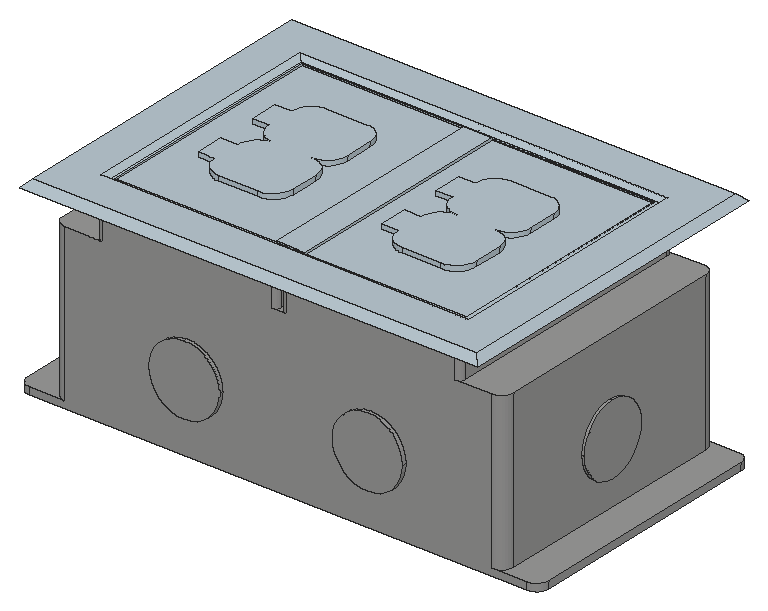
Revit family "Electrical_Equipment-Floor_Box-Hubbell_Wiring-2_Gang-Rectangular_Stamped_Steel-B2432", category Electrical Fixtures, host Face, Revit 2015
Parameters (values of type "BA2432 - 2 Gang - Aluminum Collar")
  Unit Height [instance] = 0' - 3 23/32"  # constant formula
  URL = "http://www.hubbell-wiring.com/"
  Right Cover Type [instance] = Covers : SA3825 - Duplex Flap - Aluminum
  Product data url = "https://bimobject.com/hubbellwiring/product/systemone-b2432"
  Product Page URL = "http://ecatalog.hubbell-wiring.com/productinformation/viewcatalog.aspx?Dest=hubbell-wiring.com/press/catalog/L.pdf&Page=4"
  Product Documentation Link = "http://ecatalog.hubbell-wiring.com/press/catalog/L-13.pdf"
  Model = "BA2432"
  Manufacturer = "Hubbell-Wiring"  # constant formula
  Left Cover Type [instance] = Covers : SA3825 - Duplex Flap - Aluminum
  Floor Box Type = Stamped Steel Concrete Floor Box : BA2432 - Deep Concrete Floor Box
  Description = "Flush Rectangular Stamped Steel Concrete Floor Box"  # constant formula
  Default Elevation = 0' - 0"
  Cover Accessory Type [instance] = Carpet Flange : SA3084 - Carpet Flange - Aluminum
  Construction Note [instance] = "Match Collar Material to Covers"  # constant formula
  Conduit Connector_9 Description = "Conduit 1.25in, 1.0in or 0.75in. Connection"
  Conduit Connector_8 Description = "Conduit 1.25in, 1.0in or 0.75in. Connection"
  Conduit Connector_7 Description = "Conduit 1.25in, 1.0in or 0.75in. Connection"
  Conduit Connector_6 Description = "Conduit 1.25in, 1.0in or 0.75in. Connection"
  Conduit Connector_5 Description = "Conduit 1.25in, 1.0in or 0.75in. Connection"
  Conduit Connector_4 Description = "Conduit 1.25in, 1.0in or 0.75in. Connection"
  Conduit Connector_3 Description = "Conduit 1.25in, 1.0in or 0.75in. Connection"
  Conduit Connector_2 Description = "Conduit 1.25in, 1.0in or 0.75in. Connection"
  Conduit Connector_10 Description = "Conduit 1.25in, 1.0in or 0.75in. Connection"
  Conduit Connector_1 Description = "Conduit 1.25in, 1.0in or 0.75in. Connection"
  Conduit Connector 1 Radius = 0' - 0 5/8"
  Collar Material = Metal-Hubbell-Aluminum
  Box Material = Metal-Hubbell-Stamped Steel
  Assembly Code = "D5020115"
Types (2): name | Right Cover Type | Model | Left Cover Type | Floor Box Type | Cover Accessory Type | Collar Material
  B2432 - 2 Gang - Brass Collar | Covers : S3825 - Duplex Flap - Brass | "B2432" | Covers : S3825 - Duplex Flap - Brass | Stamped Steel Concrete Floor Box : B2432 - Deep Concrete Floor Box | Carpet Flange : SB3084 - Carpet Flange - Brass | Metal-Hubbell-Brass
  BA2432 - 2 Gang - Aluminum Collar | Covers : SA3825 - Duplex Flap - Aluminum | "BA2432" | Covers : SA3825 - Duplex Flap - Aluminum | Stamped Steel Concrete Floor Box : BA2432 - Deep Concrete Floor Box | Carpet Flange : SA3084 - Carpet Flange - Aluminum | Metal-Hubbell-Aluminum
Reference planes (in)
  plane 1 "Center (Front/Back)": y = 0
  plane 2: z = 0
  plane 3 "Center (Left/Right)": x = 0
  plane 4: y = -2.078
  plane 5: y = 2.078
  plane 6: x = -1.4965
  plane 7: x = 1.4965
Forms (in)
  Extrusion 1, void, detail levels fine
    sketch origin (0, 0, 0) x (1, 0, 0) y (0, 1, 0)
      loop
        line (-1.4965, 2.078) -> (-1.4965, -2.078) -> (1.4965, -2.078) -> (1.4965, 2.078) -> (-1.4965, 2.078)
    from 0 to -3.71875
Lines and regions (in)
  symbolic lines
    curve 1: line (-4.06445, -3, 0) -> (4.06445, -3, 0)
    curve 2: line (-4.06445, 3, 0) -> (-4.06445, -3, 0)
    curve 3: line (4.06445, 3, 0) -> (-4.06445, 3, 0)
    curve 4: line (4.06445, -3, 0) -> (4.06445, 3, 0)
Dimensions and locks (in)
  locked: host face to nested 3 at 0.04297
  plane 5 to plane 1 "Center (Front/Back)" to plane 4 = 0' - 2.078" locked, 0' - 2.078" locked
  plane 6 to plane 3 "Center (Left/Right)" to plane 7 = 0' - 1.4965" locked, 0' - 1.4965" locked
  Extrusion 1 to plane 3 "Center (Left/Right)" = 0' - 1.4965"
  aligned and locked: plane 2 to host face
  aligned and locked: level to host face
  aligned: level to Extrusion 1
  aligned and locked: plane 1 "Center (Front/Back)" to nested 1
  aligned: plane 2 to nested 1  (x4)
  aligned: nested 1 to Extrusion 1
  aligned and locked: plane 1 "Center (Front/Back)" to nested 2
  aligned and locked: plane 3 "Center (Left/Right)" to nested 2
  aligned and locked: plane 3 "Center (Left/Right)" to nested 1
  aligned: nested 2 to plane 2  (x2)
  aligned: nested 2 to Extrusion 1  (x2)
  aligned: Extrusion 1 to nested 1  (x8)
  aligned and locked: nested 2 to plane 2
  aligned and locked: host face to Extrusion 1
  aligned: plane 3 "Center (Left/Right)" to nested 3
  aligned and locked: plane 1 "Center (Front/Back)" to nested 3
  aligned and locked: Extrusion 1 to plane 5
  aligned and locked: Extrusion 1 to plane 4
  aligned and locked: plane 6 to Extrusion 1
  aligned and locked: plane 7 to Extrusion 1
  aligned and locked: nested 1 to Extrusion 1
  aligned and locked: nested 1 to nested 3
  aligned and locked: nested 4 to nested 1
  aligned and locked: plane 1 "Center (Front/Back)" to nested 4
  aligned and locked: nested 1 to nested 1
  aligned and locked: nested 3 to nested 4
  aligned and locked: curve 1 to nested 2
  aligned and locked: curve 2 to nested 2
  aligned and locked: curve 3 to nested 2
  aligned and locked: curve 4 to nested 2
Nested families (in)
  nested 1: "Stamped Steel Concrete Floor Box" at (0, 0, 0), Unit Height <- "Unit Height", type <- "Floor Box Type", type "BA2432 - Deep Concrete Floor Box"
    with Unit Height 0' - 3 23/32"
  nested 2: "Carpet Flange" at (0, 0, 0), type <- "Cover Accessory Type", type "SA3084 - Carpet Flange - Aluminum"
  nested 3: "Covers" at (-1.62912, 0, -0.04297), type <- "Left Cover Type", type "SA3825 - Duplex Flap - Aluminum"
  nested 4: "Covers" at (1.62912, 0, -0.04297), type <- "Right Cover Type", type "SA3825 - Duplex Flap - Aluminum"
Connectors (in)
  cabletrayconduit at (-1.62912, -2.4075, -2.46875), diameter 1.25, driven by "Conduit Connector 1 Radius", driven by "Conduit Connector_1 Description"
    settings: on nested 1, index 1, connector width 1' - 0", connector height 1' - 0", connector angle 0.00°, system type 32, placement type 0, profile type 0, connector reference index -1, is primary connector yes, connector utility param no, connector description "Conduit 1.25in, 1.0in or 0.75in. Connection"
  cabletrayconduit at (1.62912, -2.4075, -2.46875), diameter 1.25, driven by "Conduit Connector 1 Radius", driven by "Conduit Connector_2 Description"
    settings: on nested 1, index 2, connector width 1' - 0", connector height 1' - 0", connector angle 0.00°, system type 32, placement type 0, profile type 0, connector reference index -1, is primary connector no, connector utility param no, connector description "Conduit 1.25in, 1.0in or 0.75in. Connection"
  cabletrayconduit at (4.05938, 0, -2.46875), diameter 1.25, driven by "Conduit Connector 1 Radius", driven by "Conduit Connector_3 Description"
    settings: on nested 1, index 3, connector width 1' - 0", connector height 1' - 0", connector angle 0.00°, system type 32, placement type 0, profile type 0, connector reference index -1, is primary connector no, connector utility param no, connector description "Conduit 1.25in, 1.0in or 0.75in. Connection"
  cabletrayconduit at (1.62912, 2.4075, -2.46875), diameter 1.25, driven by "Conduit Connector 1 Radius", driven by "Conduit Connector_4 Description"
    settings: on nested 1, index 4, connector width 1' - 0", connector height 1' - 0", connector angle 0.00°, system type 32, placement type 0, profile type 0, connector reference index -1, is primary connector no, connector utility param no, connector description "Conduit 1.25in, 1.0in or 0.75in. Connection"
  cabletrayconduit at (-1.62912, 2.4075, -2.46875), diameter 1.25, driven by "Conduit Connector 1 Radius", driven by "Conduit Connector_5 Description"
    settings: on nested 1, index 5, connector width 1' - 0", connector height 1' - 0", connector angle 0.00°, system type 32, placement type 0, profile type 0, connector reference index -1, is primary connector no, connector utility param no, connector description "Conduit 1.25in, 1.0in or 0.75in. Connection"
  cabletrayconduit at (-4.06562, 0, -2.46875), diameter 1.25, driven by "Conduit Connector 1 Radius", driven by "Conduit Connector_6 Description"
    settings: on nested 1, index 6, connector width 1' - 0", connector height 1' - 0", connector angle 0.00°, system type 32, placement type 0, profile type 0, connector reference index -1, is primary connector no, connector utility param no, connector description "Conduit 1.25in, 1.0in or 0.75in. Connection"
  cabletrayconduit at (-1.62181, -1, -3.78125), diameter 1.25, driven by "Conduit Connector 1 Radius", driven by "Conduit Connector_7 Description"
    settings: on nested 1, index 7, connector width 1' - 0", connector height 1' - 0", connector angle 0.00°, system type 32, placement type 0, profile type 0, connector reference index -1, is primary connector no, connector utility param no, connector description "Conduit 1.25in, 1.0in or 0.75in. Connection"
  cabletrayconduit at (1.62181, -1, -3.78125), diameter 1.25, driven by "Conduit Connector 1 Radius", driven by "Conduit Connector_8 Description"
    settings: on nested 1, index 8, connector width 1' - 0", connector height 1' - 0", connector angle 0.00°, system type 32, placement type 0, profile type 0, connector reference index -1, is primary connector no, connector utility param no, connector description "Conduit 1.25in, 1.0in or 0.75in. Connection"
  cabletrayconduit at (1.62181, 1, -3.78125), diameter 1.25, driven by "Conduit Connector 1 Radius", driven by "Conduit Connector_9 Description"
    settings: on nested 1, index 9, connector width 1' - 0", connector height 1' - 0", connector angle 0.00°, system type 32, placement type 0, profile type 0, connector reference index -1, is primary connector no, connector utility param no, connector description "Conduit 1.25in, 1.0in or 0.75in. Connection"
  cabletrayconduit at (-1.62181, 1, -3.78125), diameter 1.25, driven by "Conduit Connector 1 Radius", driven by "Conduit Connector_10 Description"
    settings: on nested 1, index 10, connector width 1' - 0", connector height 1' - 0", connector angle 0.00°, system type 32, placement type 0, profile type 0, connector reference index -1, is primary connector no, connector utility param no, connector description "Conduit 1.25in, 1.0in or 0.75in. Connection"
Definition of nested family "Stamped Steel Concrete Floor Box"
  Parameters
    Unit Height [instance] = 0' - 3 23/32"  # constant formula
    Cover Material = none
    Conduit Connector Offset = 0' - 1 1/4"  # constant formula
    Conduit Connector 1 Radius = 0' - 0 5/8"
    Can Material = none
    Assembly Code = ""
  Reference planes (in)
    plane 1 "Center (Front/Back)": y = 0
    plane 2: z = 0
    plane 3 "Center (Left/Right)": x = 0
    plane 4: z = -3.71875
    plane 5: z = -2.46875
    plane 6: z = -0.82416
    plane 7: z = -3.59375
    plane 8: x = 1.62912
    plane 9: x = -1.62912
  Forms (in)
    Extrusion 1, solid, material <- "Can Material"
      sketch origin (0.07413, -0.25, 0) x (0, 1, 0) y (0, 0, -1)
        loop
          arc (-0.375, 2.46875) -> (-0.19194, 2.02681) -> (0.25, 1.84375) r 0.625
          arc (0.25, 1.84375) -> (0.69194, 2.02681) -> (0.875, 2.46875) r 0.625
          arc (0.875, 2.46875) -> (0.69194, 2.91069) -> (0.25, 3.09375) r 0.625
          arc (0.25, 3.09375) -> (-0.19194, 2.91069) -> (-0.375, 2.46875) r 0.625
      from -3.92275 to -3.98525
    Extrusion 2, solid, material <- "Can Material"
      sketch origin (0, 0, 0) x (0, 1, 0) y (0, 0, 1)
        loop
          arc (-0.625, -2.46875) -> (-0.44194, -2.91069) -> (0, -3.09375) r 0.625
          arc (0, -3.09375) -> (0.44194, -2.91069) -> (0.625, -2.46875) r 0.625
          arc (0.625, -2.46875) -> (0.44194, -2.02681) -> (0, -1.84375) r 0.625
          arc (0, -1.84375) -> (-0.44194, -2.02681) -> (-0.625, -2.46875) r 0.625
      from -4.00312 to -4.06562
    Extrusion 3, solid, material <- "Can Material"
      sketch origin (0.92025, 0.30752, 7.9375) x (1, 0, 0) y (0, 1, 0)
        loop
          arc (-4.71356, 2.03748) -> (-4.86192, 1.97602) -> (-4.92337, 1.82766) r 0.20982
          line (-4.92337, 1.82766) -> (-4.92337, -2.43885)
          arc (-4.92337, -2.43885) -> (-4.86267, -2.5854) -> (-4.71613, -2.6461) r 0.20725
          line (-4.71613, -2.6461) -> (2.86024, -2.6461)
          arc (2.86024, -2.6461) -> (3.01325, -2.58272) -> (3.07663, -2.42971) r 0.21639
          line (3.07663, -2.42971) -> (3.07663, 1.83391)
          arc (3.07663, 1.83391) -> (3.017, 1.97785) -> (2.87306, 2.03748) r 0.20357
          line (2.87306, 2.03748) -> (-4.71356, 2.03748)
      from -11.53125 to -8.76166
    Extrusion 4, solid, material <- "Can Material"
      sketch origin (0.92025, 0.30752, 7.9375) x (1, 0, 0) y (0, 1, 0)
        loop
          arc (-5.33856, 2.03748) -> (-5.48692, 1.97602) -> (-5.54837, 1.82766) r 0.20982
          line (-5.54837, 1.82766) -> (-5.54837, -2.43885)
          arc (-5.54837, -2.43885) -> (-5.48767, -2.5854) -> (-5.34113, -2.6461) r 0.20725
          line (-5.34113, -2.6461) -> (3.48524, -2.6461)
          arc (3.48524, -2.6461) -> (3.63825, -2.58272) -> (3.70163, -2.42971) r 0.21639
          line (3.70163, -2.42971) -> (3.70163, 1.83391)
          arc (3.70163, 1.83391) -> (3.642, 1.97785) -> (3.49806, 2.03748) r 0.20357
          line (3.49806, 2.03748) -> (-5.33856, 2.03748)
      from -11.65625 to -11.53125
    Extrusion 5, solid, material <- "Cover Material"
      sketch origin (-1.62912, 0, 0.22509) x (1, 0, 0) y (0, 1, 0)
        loop
          line (-1.4965, 2.078) -> (-1.4965, -2.078) -> (1.4965, -2.078) -> (1.4965, 2.078) -> (-1.4965, 2.078)
        loop
          arc (-1.49742, 2.345) -> (-1.57311, 2.31365) -> (-1.60446, 2.23796) r 0.10704
          line (-1.60446, 2.23796) -> (-1.60446, -2.23167)
          arc (-1.60446, -2.23167) -> (-1.57315, -2.30726) -> (-1.49756, -2.33857) r 0.1069
          line (-1.49756, -2.33857) -> (1.49823, -2.33857)
          arc (1.49823, -2.33857) -> (1.56869, -2.30939) -> (1.59787, -2.23893) r 0.09964
          line (1.59787, -2.23893) -> (1.59787, 2.24543)
          arc (1.59787, 2.24543) -> (1.56871, 2.31584) -> (1.4983, 2.345) r 0.09957
          line (1.4983, 2.345) -> (-1.49742, 2.345)
      from -0.39425 to -0.22509
    Extrusion 6, solid, material <- "Can Material"
      sketch origin (-1.62912, 0, 7.9375) x (1, 0, 0) y (0, 1, 0)
        loop
          line (-1.4965, 2.078) -> (-1.4965, -2.078) -> (1.4965, -2.078) -> (1.4965, 2.078) -> (-1.4965, 2.078)
        loop
          line (-1.60446, 2.23796) -> (-1.60446, -2.23167)
          arc (-1.60446, -2.23167) -> (-1.57315, -2.30726) -> (-1.49756, -2.33857) r 0.1069
          line (-1.49756, -2.33857) -> (1.49823, -2.33857)
          arc (1.49823, -2.33857) -> (1.56869, -2.30939) -> (1.59787, -2.23893) r 0.09964
          line (1.59787, -2.23893) -> (1.59787, 2.24543)
          arc (1.59787, 2.24543) -> (1.56871, 2.31584) -> (1.4983, 2.345) r 0.09957
          line (1.4983, 2.345) -> (-1.49742, 2.345)
          arc (-1.49742, 2.345) -> (-1.57311, 2.31365) -> (-1.60446, 2.23796) r 0.10704
      from -8.76166 to -8.10666
    Extrusion 7, solid, material <- "Cover Material"
      sketch origin (-1.62912, 0, 0) x (1, 0, 0) y (0, 1, 0)
        loop
          arc (-1.49742, 2.345) -> (-1.57311, 2.31365) -> (-1.60446, 2.23796) r 0.10704
          line (-1.60446, 2.23796) -> (-1.60446, -2.23167)
          arc (-1.60446, -2.23167) -> (-1.57315, -2.30726) -> (-1.49756, -2.33857) r 0.1069
          line (-1.49756, -2.33857) -> (1.49823, -2.33857)
          arc (1.49823, -2.33857) -> (1.56869, -2.30939) -> (1.59787, -2.23893) r 0.09964
          line (1.59787, -2.23893) -> (1.59787, 2.24543)
          arc (1.59787, 2.24543) -> (1.56871, 2.31584) -> (1.4983, 2.345) r 0.09957
          line (1.4983, 2.345) -> (-1.49742, 2.345)
        loop
          line (-1.4965, 2.078) -> (-1.4965, -2.078) -> (1.4965, -2.078) -> (1.4965, 2.078) -> (-1.4965, 2.078)
      from 0 to 0.0625
    Extrusion 8, solid, material <- "Cover Material"
      sketch origin (1.62912, 0, 0) x (-1, 0, 0) y (0, -1, 0)
        loop
          line (-1.49742, -2.345) -> (1.4983, -2.345)
          arc (1.4983, -2.345) -> (1.56871, -2.31584) -> (1.59787, -2.24543) r 0.09957
          line (1.59787, -2.24543) -> (1.59787, 2.23893)
          arc (1.59787, 2.23893) -> (1.56869, 2.30939) -> (1.49823, 2.33857) r 0.09964
          line (1.49823, 2.33857) -> (-1.49756, 2.33857)
          arc (-1.49756, 2.33857) -> (-1.57315, 2.30726) -> (-1.60446, 2.23167) r 0.1069
          line (-1.60446, 2.23167) -> (-1.60446, -2.23796)
          arc (-1.60446, -2.23796) -> (-1.57311, -2.31365) -> (-1.49742, -2.345) r 0.10704
        loop
          line (-1.4965, -2.078) -> (1.4965, -2.078) -> (1.4965, 2.078) -> (-1.4965, 2.078) -> (-1.4965, -2.078)
      from 0 to 0.0625
    Extrusion 9, solid, material <- "Cover Material"
      sketch origin (1.62912, 0, 0.22509) x (-1, 0, 0) y (0, -1, 0)
        loop
          line (-1.4965, -2.078) -> (1.4965, -2.078) -> (1.4965, 2.078) -> (-1.4965, 2.078) -> (-1.4965, -2.078)
        loop
          line (-1.49742, -2.345) -> (1.4983, -2.345)
          arc (1.4983, -2.345) -> (1.56871, -2.31584) -> (1.59787, -2.24543) r 0.09957
          line (1.59787, -2.24543) -> (1.59787, 2.23893)
          arc (1.59787, 2.23893) -> (1.56869, 2.30939) -> (1.49823, 2.33857) r 0.09964
          line (1.49823, 2.33857) -> (-1.49756, 2.33857)
          arc (-1.49756, 2.33857) -> (-1.57315, 2.30726) -> (-1.60446, 2.23167) r 0.1069
          line (-1.60446, 2.23167) -> (-1.60446, -2.23796)
          arc (-1.60446, -2.23796) -> (-1.57311, -2.31365) -> (-1.49742, -2.345) r 0.10704
      from -0.39425 to -0.22509
    Extrusion 10, solid, material <- "Can Material"
      sketch origin (1.62912, 0, 7.9375) x (-1, 0, 0) y (0, -1, 0)
        loop
          line (-1.4965, -2.078) -> (1.4965, -2.078) -> (1.4965, 2.078) -> (-1.4965, 2.078) -> (-1.4965, -2.078)
        loop
          arc (-1.60446, -2.23796) -> (-1.57311, -2.31365) -> (-1.49742, -2.345) r 0.10704
          line (-1.49742, -2.345) -> (1.4983, -2.345)
          arc (1.4983, -2.345) -> (1.56871, -2.31584) -> (1.59787, -2.24543) r 0.09957
          line (1.59787, -2.24543) -> (1.59787, 2.23893)
          arc (1.59787, 2.23893) -> (1.56869, 2.30939) -> (1.49823, 2.33857) r 0.09964
          line (1.49823, 2.33857) -> (-1.49756, 2.33857)
          arc (-1.49756, 2.33857) -> (-1.57315, 2.30726) -> (-1.60446, 2.23167) r 0.1069
          line (-1.60446, 2.23167) -> (-1.60446, -2.23796)
      from -8.76166 to -8.10666
    Extrusion 11, solid, material <- "Cover Material"
      sketch origin (0, 0, 0) x (1, 0, 0) y (0, 1, 0)
        loop
          line (-0.25356, 2.078) -> (-0.25356, -2.078) -> (0.25356, -2.078) -> (0.25356, 2.078) -> (-0.25356, 2.078)
      from 0 to 0.07813
    Extrusion 12, solid, material <- "Can Material"
      sketch origin (-1.62912, 0, 0) x (1, 0, 0) y (0, 0, 1)
        loop
          arc (-0.625, -2.46875) -> (-0.44194, -2.91069) -> (0, -3.09375) r 0.625
          arc (0, -3.09375) -> (0.44194, -2.91069) -> (0.625, -2.46875) r 0.625
          arc (0.625, -2.46875) -> (0.44194, -2.02681) -> (0, -1.84375) r 0.625
          arc (0, -1.84375) -> (-0.44194, -2.02681) -> (-0.625, -2.46875) r 0.625
      from -2.345 to -2.4075
    Extrusion 13, solid, material <- "Can Material"
      sketch origin (1.62912, 0, 0) x (-1, 0, 0) y (0, 0, 1)
        loop
          arc (-0.625, -2.46875) -> (-0.44194, -2.91069) -> (0, -3.09375) r 0.625
          arc (0, -3.09375) -> (0.44194, -2.91069) -> (0.625, -2.46875) r 0.625
          arc (0.625, -2.46875) -> (0.44194, -2.02681) -> (0, -1.84375) r 0.625
          arc (0, -1.84375) -> (-0.44194, -2.02681) -> (-0.625, -2.46875) r 0.625
      from -2.13518 to -2.4075
    Extrusion 14, solid, material <- "Can Material"
      sketch origin (1.62912, 0, 0) x (-1, 0, 0) y (0, 0, -1)
        loop
          arc (-0.625, 2.46875) -> (-0.44194, 2.02681) -> (0, 1.84375) r 0.625
          arc (0, 1.84375) -> (0.44194, 2.02681) -> (0.625, 2.46875) r 0.625
          arc (0.625, 2.46875) -> (0.44194, 2.91069) -> (0, 3.09375) r 0.625
          arc (0, 3.09375) -> (-0.44194, 2.91069) -> (-0.625, 2.46875) r 0.625
      from -2.345 to -2.4075
    Extrusion 15, solid, material <- "Can Material"
      sketch origin (-1.62181, 1, 0) x (1, 0, 0) y (0, 1, 0)
        loop
          circle (0, 0) r 0.625
      from -3.71875 to -3.78125
    Extrusion 16, solid, material <- "Can Material"
      sketch origin (1.62181, 1, 0) x (-1, 0, 0) y (0, -1, 0)
        loop
          circle (0, 0) r 0.625
      from -3.71875 to -3.78125
    Extrusion 17, solid, material <- "Can Material"
      sketch origin (-1.62181, -1, 0) x (1, 0, 0) y (0, 1, 0)
        loop
          circle (0, 0) r 0.625
      from -3.71875 to -3.78125
    Extrusion 18, solid, material <- "Can Material"
      sketch origin (1.62181, -1, 0) x (-1, 0, 0) y (0, -1, 0)
        loop
          circle (0, 0) r 0.625
      from -3.71875 to -3.78125
    Extrusion 19, solid, material <- "Can Material"
      sketch origin (-1.62912, 0, 0) x (1, 0, 0) y (0, 0, -1)
        loop
          arc (-0.625, 2.46875) -> (-0.44194, 2.02681) -> (0, 1.84375) r 0.625
          arc (0, 1.84375) -> (0.44194, 2.02681) -> (0.625, 2.46875) r 0.625
          arc (0.625, 2.46875) -> (0.44194, 2.91069) -> (0, 3.09375) r 0.625
          arc (0, 3.09375) -> (-0.44194, 2.91069) -> (-0.625, 2.46875) r 0.625
      from -2.13518 to -2.4075
  Cuts and joins
    joined: Extrusion 1, Extrusion 2, Extrusion 3, Extrusion 4, Extrusion 6, Extrusion 10, Extrusion 12, Extrusion 13, Extrusion 14, Extrusion 15, Extrusion 16, Extrusion 17, Extrusion 18, Extrusion 19
    joined: Extrusion 5, Extrusion 7
    joined: Extrusion 8, Extrusion 9, Extrusion 11
  Dimensions and locks (in)
    "Conduit Connector Offset": plane 5 to plane 4
    "Unit Height": level to plane 4
    locked: plane 7 to plane 4 at 0.125
    "Conduit Connector 1 Radius": radius of Extrusion 1 sketch curve
    "Conduit Connector 1 Radius": radius of Extrusion 2 sketch curve
    "Conduit Connector 1 Radius": radius of Extrusion 12 sketch curve
    "Conduit Connector 1 Radius": radius of Extrusion 13 sketch curve
    "Conduit Connector 1 Radius": radius of Extrusion 14 sketch curve
    "Conduit Connector 1 Radius": radius of Extrusion 15 sketch curve
    "Conduit Connector 1 Radius": radius of Extrusion 16 sketch curve
    "Conduit Connector 1 Radius": radius of Extrusion 17 sketch curve
    "Conduit Connector 1 Radius": radius of Extrusion 18 sketch curve
    "Conduit Connector 1 Radius": radius of Extrusion 19 sketch curve
    aligned and locked: plane 2 to level
    aligned: cut or joined group 1 (Extrusion 1, Extrusion 2, Extrusion 3, Extrusion 4, Extrusion 6, Extrusion 10, Extrusion 12, Extrusion 13, Extrusion 14, Extrusion 15, Extrusion 16, Extrusion 17, Extrusion 18, Extrusion 19) to cut or joined group 1  (x6)
    aligned: Extrusion 3 to cut or joined group 1
    aligned: plane 4 to Extrusion 3
    aligned: cut or joined group 1 to plane 4  (x6)
    aligned: plane 5 to Extrusion 3
    aligned: plane 5 to cut or joined group 1
    aligned: plane 1 "Center (Front/Back)" to cut or joined group 1
    aligned and locked: Extrusion 4 to plane 4
    aligned and locked: plane 7 to Extrusion 4
    aligned and locked: cut or joined group 1 to plane 7
    aligned and locked: Extrusion 5 to Extrusion 6
    aligned and locked: Extrusion 10 to Extrusion 9
    aligned and locked: cut or joined group 1 to cut or joined group 1  (x2)
  Automatic sketch dimensions
    Extrusion 1 sketch curve to Extrusion 1 sketch curve = 0' - 0"
    Extrusion 1 sketch curve to plane 5 = 0' - 0"
    Extrusion 1 sketch curve to plane 1 "Center (Front/Back)" = 0' - 0"
    Extrusion 2 sketch curve to Extrusion 2 sketch curve = 0' - 0"
    Extrusion 2 sketch curve to plane 5 = 0' - 0"
    Extrusion 2 sketch curve to plane 1 "Center (Front/Back)" = 0' - 0"
    Extrusion 3 sketch curve to plane 9 = 0' - 2.374"
    Extrusion 3 sketch curve to Extrusion 3 sketch curve = 0' - 0.20725"
    Extrusion 3 sketch curve to Extrusion 3 sketch curve = 0' - 0.20982"
    Extrusion 3 sketch curve to plane 8 = 0' - 2.15137"
    Extrusion 3 sketch curve to plane 8 = 0' - 2.16419"
    Extrusion 3 sketch curve to Extrusion 3 sketch curve = 0' - 0.20357"
    plane 1 "Center (Front/Back)" to Extrusion 3 sketch curve = 0' - 2.33857"
    Extrusion 3 sketch curve to plane 1 "Center (Front/Back)" = 0' - 2.13518"
    Extrusion 4 sketch curve to plane 9 = 0' - 2.999"
    Extrusion 4 sketch curve to Extrusion 4 sketch curve = 0' - 0.20725"
    Extrusion 4 sketch curve to Extrusion 4 sketch curve = 0' - 0.20982"
    Extrusion 4 sketch curve to plane 8 = 0' - 2.77637"
    Extrusion 4 sketch curve to plane 8 = 0' - 2.78919"
    Extrusion 4 sketch curve to Extrusion 4 sketch curve = 0' - 0.20357"
    plane 1 "Center (Front/Back)" to Extrusion 4 sketch curve = 0' - 2.33857"
    Extrusion 4 sketch curve to plane 1 "Center (Front/Back)" = 0' - 2.13518"
    Extrusion 5 sketch curve to plane 9 = 0' - 1.60446"
    Extrusion 5 sketch curve to Extrusion 5 sketch curve = 0' - 0.1069"
    Extrusion 5 sketch curve to Extrusion 5 sketch curve = 0' - 0.10704"
    Extrusion 5 sketch curve to Extrusion 5 sketch curve = 0' - 0.00106"
    Extrusion 5 sketch curve to plane 3 "Center (Left/Right)" = 0' - 0.13262"
    Extrusion 5 sketch curve to plane 3 "Center (Left/Right)" = 0' - 0.13089"
    Extrusion 5 sketch curve to plane 3 "Center (Left/Right)" = 0' - 0.13082"
    Extrusion 5 sketch curve to plane 3 "Center (Left/Right)" = 0' - 0 1/32"
    plane 1 "Center (Front/Back)" to Extrusion 5 sketch curve = 0' - 2.33857"
    Extrusion 5 sketch curve to Extrusion 5 sketch curve = 0' - 0.16093"
    Extrusion 5 sketch curve to plane 1 "Center (Front/Back)" = 0' - 2.078"
    Extrusion 5 sketch curve to Extrusion 5 sketch curve = 0' - 0.15996"
    Extrusion 6 sketch curve to plane 9 = 0' - 1.60446"
    Extrusion 6 sketch curve to Extrusion 6 sketch curve = 0' - 0.1069"
    Extrusion 6 sketch curve to Extrusion 6 sketch curve = 0' - 0.10704"
    Extrusion 6 sketch curve to Extrusion 6 sketch curve = 0' - 0.00106"
    Extrusion 6 sketch curve to plane 3 "Center (Left/Right)" = 0' - 0.13262"
    Extrusion 6 sketch curve to plane 3 "Center (Left/Right)" = 0' - 0.13089"
    Extrusion 6 sketch curve to plane 3 "Center (Left/Right)" = 0' - 0.13082"
    Extrusion 6 sketch curve to plane 3 "Center (Left/Right)" = 0' - 0 1/32"
    plane 1 "Center (Front/Back)" to Extrusion 6 sketch curve = 0' - 2.33857"
    Extrusion 6 sketch curve to Extrusion 6 sketch curve = 0' - 0.15367"
    Extrusion 6 sketch curve to plane 1 "Center (Front/Back)" = 0' - 2.078"
    Extrusion 6 sketch curve to Extrusion 6 sketch curve = 0' - 0.15996"
    Extrusion 7 sketch curve to plane 9 = 0' - 1.60446"
    Extrusion 7 sketch curve to Extrusion 7 sketch curve = 0' - 0.1069"
    Extrusion 7 sketch curve to Extrusion 7 sketch curve = 0' - 0.10704"
    Extrusion 7 sketch curve to Extrusion 7 sketch curve = 0' - 0.00092"
    Extrusion 7 sketch curve to plane 3 "Center (Left/Right)" = 0' - 0.13262"
    Extrusion 7 sketch curve to plane 3 "Center (Left/Right)" = 0' - 0.13089"
    Extrusion 7 sketch curve to plane 3 "Center (Left/Right)" = 0' - 0.13082"
    Extrusion 7 sketch curve to plane 3 "Center (Left/Right)" = 0' - 0 1/32"
    plane 1 "Center (Front/Back)" to Extrusion 7 sketch curve = 0' - 2.33857"
    Extrusion 7 sketch curve to Extrusion 7 sketch curve = 0' - 0.15367"
    Extrusion 7 sketch curve to plane 1 "Center (Front/Back)" = 0' - 2.078"
    Extrusion 7 sketch curve to Extrusion 7 sketch curve = 0' - 0.15996"
    Extrusion 8 sketch curve to plane 8 = 0' - 1.60446"
    Extrusion 8 sketch curve to Extrusion 8 sketch curve = 0' - 0.1069"
    Extrusion 8 sketch curve to Extrusion 8 sketch curve = 0' - 0.10704"
    Extrusion 8 sketch curve to Extrusion 8 sketch curve = 0' - 0.00092"
    plane 3 "Center (Left/Right)" to Extrusion 8 sketch curve = 0' - 0.13262"
    plane 3 "Center (Left/Right)" to Extrusion 8 sketch curve = 0' - 0.13089"
    plane 3 "Center (Left/Right)" to Extrusion 8 sketch curve = 0' - 0.13082"
    plane 3 "Center (Left/Right)" to Extrusion 8 sketch curve = 0' - 0 1/32"
    Extrusion 8 sketch curve to plane 1 "Center (Front/Back)" = 0' - 2.345"
    Extrusion 8 sketch curve to Extrusion 8 sketch curve = 0' - 0.15996"
    plane 1 "Center (Front/Back)" to Extrusion 8 sketch curve = 0' - 2.078"
    Extrusion 8 sketch curve to Extrusion 8 sketch curve = 0' - 0.15367"
    Extrusion 9 sketch curve to plane 8 = 0' - 1.60446"
    Extrusion 9 sketch curve to Extrusion 9 sketch curve = 0' - 0.1069"
    Extrusion 9 sketch curve to Extrusion 9 sketch curve = 0' - 0.10704"
    Extrusion 9 sketch curve to Extrusion 9 sketch curve = 0' - 0.00106"
    plane 3 "Center (Left/Right)" to Extrusion 9 sketch curve = 0' - 0.13262"
    plane 3 "Center (Left/Right)" to Extrusion 9 sketch curve = 0' - 0.13089"
    plane 3 "Center (Left/Right)" to Extrusion 9 sketch curve = 0' - 0.13082"
    plane 3 "Center (Left/Right)" to Extrusion 9 sketch curve = 0' - 0 1/32"
    Extrusion 9 sketch curve to plane 1 "Center (Front/Back)" = 0' - 2.345"
    Extrusion 9 sketch curve to Extrusion 9 sketch curve = 0' - 0.16743"
    plane 1 "Center (Front/Back)" to Extrusion 9 sketch curve = 0' - 2.078"
    Extrusion 9 sketch curve to Extrusion 9 sketch curve = 0' - 0.15367"
    Extrusion 10 sketch curve to plane 8 = 0' - 1.60446"
    Extrusion 10 sketch curve to Extrusion 10 sketch curve = 0' - 0.1069"
    Extrusion 10 sketch curve to Extrusion 10 sketch curve = 0' - 0.10704"
    Extrusion 10 sketch curve to Extrusion 10 sketch curve = 0' - 0.00106"
    plane 3 "Center (Left/Right)" to Extrusion 10 sketch curve = 0' - 0.13262"
    plane 3 "Center (Left/Right)" to Extrusion 10 sketch curve = 0' - 0.13089"
    plane 3 "Center (Left/Right)" to Extrusion 10 sketch curve = 0' - 0.13082"
    plane 3 "Center (Left/Right)" to Extrusion 10 sketch curve = 0' - 0 1/32"
    Extrusion 10 sketch curve to plane 1 "Center (Front/Back)" = 0' - 2.345"
    Extrusion 10 sketch curve to Extrusion 10 sketch curve = 0' - 0.16743"
    plane 1 "Center (Front/Back)" to Extrusion 10 sketch curve = 0' - 2.078"
    Extrusion 10 sketch curve to Extrusion 10 sketch curve = 0' - 0.15367"
    Extrusion 11 sketch curve to plane 3 "Center (Left/Right)" = 0' - 0.25356"
    plane 3 "Center (Left/Right)" to Extrusion 11 sketch curve = 0' - 0.25356"
    plane 1 "Center (Front/Back)" to Extrusion 11 sketch curve = 0' - 2.078"
    Extrusion 11 sketch curve to plane 1 "Center (Front/Back)" = 0' - 2.078"
    Extrusion 12 sketch curve to Extrusion 12 sketch curve = 0' - 0"
    Extrusion 12 sketch curve to plane 5 = 0' - 0"
    Extrusion 12 sketch curve to plane 9 = 0' - 0"
    Extrusion 13 sketch curve to Extrusion 13 sketch curve = 0' - 0"
    Extrusion 13 sketch curve to plane 5 = 0' - 0"
    Extrusion 13 sketch curve to plane 8 = 0' - 0 5/8"
    Extrusion 14 sketch curve to Extrusion 14 sketch curve = 0' - 0"
    Extrusion 14 sketch curve to plane 5 = 0' - 0"
    Extrusion 14 sketch curve to plane 8 = 0' - 0 5/8"
    plane 9 to Extrusion 15 sketch curve = 0' - 0.00731"
    Extrusion 15 sketch curve to plane 1 "Center (Front/Back)" = 0' - 1"
    plane 8 to Extrusion 16 sketch curve = 0' - 0.00731"
    Extrusion 16 sketch curve to plane 1 "Center (Front/Back)" = 0' - 1"
    plane 9 to Extrusion 17 sketch curve = 0' - 0.00731"
    plane 1 "Center (Front/Back)" to Extrusion 17 sketch curve = 0' - 1"
    plane 8 to Extrusion 18 sketch curve = 0' - 0.00731"
    plane 1 "Center (Front/Back)" to Extrusion 18 sketch curve = 0' - 1"
    Extrusion 19 sketch curve to Extrusion 19 sketch curve = 0' - 0"
    Extrusion 19 sketch curve to plane 5 = 0' - 0"
    Extrusion 19 sketch curve to plane 9 = 0' - 0"
Definition of nested family "Carpet Flange"
  Parameters
    Width = 0' - 6"
    Length = 0' - 8 33/256"  # constant formula
    Cover Material = none
    Carpet Flange On = yes
    Assembly Code = ""
  Reference planes (in)
    plane 1 "Center (Front/Back)": y = 0
    plane 2: z = 0
    plane 3 "Center (Left/Right)": x = 0
    plane 4: z = 0.125
  Forms (in)
    Sweep 1, solid, material <- "Cover Material", visible <- "Carpet Flange On"
      path in 3D
        loop
          line (-4.06445, -3, 0) -> (4.06445, -3, 0) -> (4.06445, 3, 0) -> (-4.06445, 3, 0) -> (-4.06445, -3, 0)
      profile origin (-4.06445, 0, 0) x (1, 0, 0) y (0, 0, 1)
        loop
          line (0, 0) -> (0.91498, 0) -> (0.91498, 0.03877) -> (0.79, 0.125) -> (0.125, 0.125) -> (0, 0)
  Lines and regions (in)
    Masking region 1
      outline origin (3.27995, 0.00006, 0) x (1, 0, 0) y (0, 1, 0)
        loop
          line (-7.3444, 3.00006) -> (-7.3444, -3.00006) -> (0.7845, -3.00006) -> (0.7845, 3.00006) -> (-7.3444, 3.00006)
    reference lines
      curve 1: line (-4.06445, 3, 0) -> (-4.06445, -3, 0)
      curve 2: line (-4.06445, -3, 0) -> (4.06445, -3, 0)
      curve 3: line (4.06445, -3, 0) -> (4.06445, 3, 0)
      curve 4: line (4.06445, 3, 0) -> (-4.06445, 3, 0)
    sketch lines
      curve 5: line (-4.06445, 3, 0) -> (-4.06445, -3, 0)
      curve 6: line (4.06445, 3, 0) -> (-4.06445, 3, 0)
      curve 7: line (4.06445, -3, 0) -> (4.06445, 3, 0)
      curve 8: line (-4.06445, -3, 0) -> (4.06445, -3, 0)
  Dimensions and locks (in)
    "Length": curve 1 to curve 3
    equal spacing: curve 1, plane 3 "Center (Left/Right)", curve 3
    aligned and locked: plane 2 to level
    aligned and locked: curve 7 to curve 3
    aligned and locked: Masking region 1 to curve 3
    aligned and locked: Masking region 1 to curve 1
    aligned and locked: curve 5 to curve 1
  Automatic sketch dimensions
    plane 1 "Center (Front/Back)" to curve 1 = 0' - 3"
    curve 3 to plane 1 "Center (Front/Back)" = 0' - 3"
    Masking region 1 sketch curve to plane 3 "Center (Left/Right)" = 0' - 4.06445"
    plane 3 "Center (Left/Right)" to Masking region 1 sketch curve = 0' - 4.06445"
    plane 1 "Center (Front/Back)" to Masking region 1 sketch curve = 0' - 3"
    Masking region 1 sketch curve to plane 1 "Center (Front/Back)" = 0' - 3.00011"
    profile plane to Sweep 1 sketch curve = 0' - 0"  (x2)
    Sweep 1 sketch curve to plane 4 = 0' - 0"
    Sweep 1 sketch curve to profile plane = 0' - 0"  (x2)
    Sweep 1 sketch curve to profile plane = 0' - 0 1/8"
    Sweep 1 sketch curve to Sweep 1 sketch curve = 0' - 0.665"
    Sweep 1 sketch curve to Sweep 1 sketch curve = 0' - 0 1/8"
    profile plane to Sweep 1 sketch curve = 0' - 0.03877"
Definition of nested family "Covers"
  Parameters
    Style Line Flap = no
    Duplex Screw = no
    Duplex Flap = yes
    Cover Material = none
    Combination Flap = no
    Box = yes
    Assembly Code = ""
  Reference planes (in)
    plane 1 "Center (Front/Back)": y = 0
    plane 2: z = 0
    plane 3 "Center (Left/Right)": x = 0
  Forms (in)
    Extrusion 1, solid, material <- "Cover Material", visible <- "Duplex Flap", detail levels medium+fine
      sketch origin (0, 0, -0.03016) x (1, 0, 0) y (0, 1, 0)
        loop
          arc (-0.34332, 1.20711) -> (-0.59332, 1.10355) -> (-0.69687, 0.85355) r 0.35355
          line (-0.69687, 0.85355) -> (-0.98976, 0.85355) -> (-0.98976, 0.35355) -> (-0.69687, 0.35355)
          arc (-0.69687, 0.35355) -> (-0.59332, 0.10355) -> (-0.34332, 0) r 0.35355
          arc (-0.34332, 0) -> (-0.59332, -0.10355) -> (-0.69687, -0.35355) r 0.35355
          line (-0.69687, -0.35355) -> (-0.98976, -0.35355) -> (-0.98976, -0.85355) -> (-0.69687, -0.85355)
          arc (-0.69687, -0.85355) -> (-0.59332, -1.10355) -> (-0.34332, -1.20711) r 0.35355
          line (-0.34332, -1.20711) -> (0.34332, -1.20711)
          arc (0.34332, -1.20711) -> (0.59332, -1.10355) -> (0.69687, -0.85355) r 0.35355
          line (0.69687, -0.85355) -> (0.69687, -0.35355)
          arc (0.69687, -0.35355) -> (0.59332, -0.10355) -> (0.34332, 0) r 0.35355
          arc (0.34332, 0) -> (0.59332, 0.10355) -> (0.69687, 0.35355) r 0.35355
          line (0.69687, 0.35355) -> (0.69687, 0.85355)
          arc (0.69687, 0.85355) -> (0.59332, 1.10355) -> (0.34332, 1.20711) r 0.35355
          line (0.34332, 1.20711) -> (-0.34332, 1.20711)
      from 0.12 to 0.20228
    Extrusion 2, solid, material <- "Cover Material", visible <- "Combination Flap", detail levels medium+fine
      sketch origin (0.0053, 0, -0.03016) x (1, 0, 0) y (0, 1, 0)
        loop
          circle (0, 0) r 1
        loop
          line (-0.08565, 0.54465) -> (-0.08565, -0.54465) -> (0.0625, -0.54465) -> (0.0625, 0.54465) -> (-0.08565, 0.54465)
      from 0.12 to 0.20228
    Extrusion 3, solid, material <- "Cover Material", visible <- "Duplex Screw", detail levels medium+fine
      sketch origin (0.01567, 0.75003, -0.03016) x (1, 0, 0) y (0, 1, 0)
        loop
          circle (-0.01567, -0.00003) r 0.75
        loop
          line (-0.07309, 0.39733) -> (-0.07309, -0.41965) -> (0.0625, -0.41965) -> (0.0625, 0.39733) -> (-0.07309, 0.39733)
      from 0.12 to 0.20228
    Extrusion 4, solid, material <- "Cover Material", visible <- "Duplex Screw", detail levels medium+fine
      sketch origin (-0.01567, -0.75003, -0.03016) x (-1, 0, 0) y (0, -1, 0)
        loop
          circle (-0.01567, -0.00003) r 0.75
        loop
          line (-0.07309, 0.39733) -> (-0.07309, -0.41965) -> (0.0625, -0.41965) -> (0.0625, 0.39733) -> (-0.07309, 0.39733)
      from 0.12 to 0.20228
    Extrusion 5, solid, material <- "Cover Material", visible <- "Box"
      sketch origin (0, 0, 0.38984) x (1, 0, 0) y (0, 1, 0)
        loop
          line (-1.4965, 2.078) -> (-1.4965, -2.078) -> (1.4965, -2.078) -> (1.4965, 2.078) -> (-1.4965, 2.078)
      from -0.44 to -0.3
    Extrusion 6, solid, material <- "Cover Material", visible <- "Style Line Flap", detail levels medium+fine
      sketch origin (0, 0, -0.03016) x (1, 0, 0) y (0, 1, 0)
        loop
          line (-0.69687, 1.20711) -> (-0.69687, 0.85355) -> (-0.98976, 0.85355) -> (-0.98976, 0.35355) -> (-0.69687, 0.35355) -> (-0.69687, -0.35355) -> (-0.98976, -0.35355) -> (-0.98976, -0.85355) -> (-0.69687, -0.85355) -> (-0.69687, -1.20711) -> (0.69687, -1.20711) -> (0.69687, -0.24767) -> (0.69687, 1.20711) -> (-0.69687, 1.20711)
      from 0.12 to 0.20228
  Lines and regions (in)
    Masking region 1, detail levels medium+fine
      outline origin (0, 0, 0) x (1, 0, 0) y (0, 1, 0)
        loop
          line (-1.4965, 2.078) -> (-1.4965, -2.078) -> (1.4965, -2.078) -> (1.4965, 2.078) -> (-1.4965, 2.078)
    symbolic lines, visible <- "Duplex Screw", detail levels fine
      curve 1: arc (0, 1.5, 0) -> (-0.75, 0.75, 0) -> (0, 0, 0) r 0.75
      curve 2: arc (0, 0, 0) -> (0.75, 0.75, 0) -> (0, 1.5, 0) r 0.75
      curve 3: line (0.07893, 1.16886, 0) -> (0.07893, 0.35188, 0)
      curve 4: line (0.07893, 0.35188, 0) -> (-0.05666, 0.35188, 0)
      curve 5: line (-0.05666, 0.35188, 0) -> (-0.05666, 1.16886, 0)
      curve 6: line (-0.05666, 1.16886, 0) -> (0.07893, 1.16886, 0)
      curve 7: arc (0, 0, 0) -> (-0.75, -0.75, 0) -> (0, -1.5, 0) r 0.75
      curve 8: arc (0, -1.5, 0) -> (0.75, -0.75, 0) -> (0, 0, 0) r 0.75
      curve 9: line (-0.05666, -1.14812, 0) -> (-0.05666, -0.33114, 0)
      curve 10: line (0.07893, -1.14812, 0) -> (-0.05666, -1.14812, 0)
      curve 11: line (0.07893, -0.33114, 0) -> (0.07893, -1.14812, 0)
      curve 12: line (-0.05666, -0.33114, 0) -> (0.07893, -0.33114, 0)
    symbolic lines, visible <- "Duplex Flap", detail levels fine
      curve 13: arc (-0.69687, -0.85355, 0) -> (-0.59332, -1.10355, 0) -> (-0.34332, -1.20711, 0) r 0.35355
      curve 14: line (-0.34332, -1.20711, 0) -> (0.34332, -1.20711, 0)
      curve 15: arc (0.34332, -1.20711, 0) -> (0.59332, -1.10355, 0) -> (0.69687, -0.85355, 0) r 0.35355
      curve 16: line (0.69687, -0.85355, 0) -> (0.69687, -0.35355, 0)
      curve 17: arc (0.69687, -0.35355, 0) -> (0.59332, -0.10355, 0) -> (0.34332, 0, 0) r 0.35355
      curve 18: arc (0.34332, 0, 0) -> (0.59332, 0.10355, 0) -> (0.69687, 0.35355, 0) r 0.35355
      curve 19: line (0.69687, 0.35355, 0) -> (0.69687, 0.85355, 0)
      curve 20: arc (0.69687, 0.85355, 0) -> (0.59332, 1.10355, 0) -> (0.34332, 1.20711, 0) r 0.35355
      curve 21: line (0.34332, 1.20711, 0) -> (-0.34332, 1.20711, 0)
      curve 22: arc (-0.34332, 1.20711, 0) -> (-0.59332, 1.10355, 0) -> (-0.69687, 0.85355, 0) r 0.35355
      curve 23: line (-0.69687, 0.85355, 0) -> (-0.98976, 0.85355, 0)
      curve 24: line (-0.98976, 0.85355, 0) -> (-0.98976, 0.35355, 0)
      curve 25: line (-0.98976, 0.35355, 0) -> (-0.69687, 0.35355, 0)
      curve 26: arc (-0.69687, 0.35355, 0) -> (-0.59332, 0.10355, 0) -> (-0.34332, 0, 0) r 0.35355
      curve 27: arc (-0.34332, 0, 0) -> (-0.59332, -0.10355, 0) -> (-0.69687, -0.35355, 0) r 0.35355
      curve 28: line (-0.69687, -0.35355, 0) -> (-0.98976, -0.35355, 0)
      curve 29: line (-0.98976, -0.35355, 0) -> (-0.98976, -0.85355, 0)
      curve 30: line (-0.98976, -0.85355, 0) -> (-0.69687, -0.85355, 0)
    symbolic lines, visible <- "Combination Flap", detail levels fine
      curve 31: arc (-0.9947, 0, 0) -> (0.0053, -1, 0) -> (1.0053, 0, 0) r 1
      curve 32: arc (1.0053, 0, 0) -> (0.0053, 1, 0) -> (-0.9947, 0, 0) r 1
      curve 33: line (-0.08035, -0.54465, 0) -> (-0.08035, 0.54465, 0)
      curve 34: line (-0.08035, 0.54465, 0) -> (0.0678, 0.54465, 0)
      curve 35: line (0.0678, 0.54465, 0) -> (0.0678, -0.54465, 0)
      curve 36: line (0.0678, -0.54465, 0) -> (-0.08035, -0.54465, 0)
    symbolic lines, visible <- "Style Line Flap", detail levels fine
      curve 37: line (0.69687, 1.20711, 0) -> (-0.69687, 1.20711, 0)
      curve 38: line (-0.69687, 1.20711, 0) -> (-0.69687, 0.85355, 0)
      curve 39: line (-0.69687, 0.85355, 0) -> (-0.98976, 0.85355, 0)
      curve 40: line (-0.98976, 0.85355, 0) -> (-0.98976, 0.35355, 0)
      curve 41: line (-0.98976, 0.35355, 0) -> (-0.69687, 0.35355, 0)
      curve 42: line (-0.69687, 0.35355, 0) -> (-0.69687, -0.35355, 0)
      curve 43: line (-0.69687, -0.35355, 0) -> (-0.98976, -0.35355, 0)
      curve 44: line (-0.98976, -0.35355, 0) -> (-0.98976, -0.85355, 0)
      curve 45: line (-0.98976, -0.85355, 0) -> (-0.69687, -0.85355, 0)
      curve 46: line (-0.69687, -0.85355, 0) -> (-0.69687, -1.20711, 0)
      curve 47: line (-0.69687, -1.20711, 0) -> (0.69687, -1.20711, 0)
      curve 48: line (0.69687, -1.20711, 0) -> (0.69687, -0.24767, 0)
      curve 49: line (0.69687, -0.24767, 0) -> (0.69687, 1.20711, 0)
  Dimensions and locks (in)
    aligned and locked: plane 2 to level
